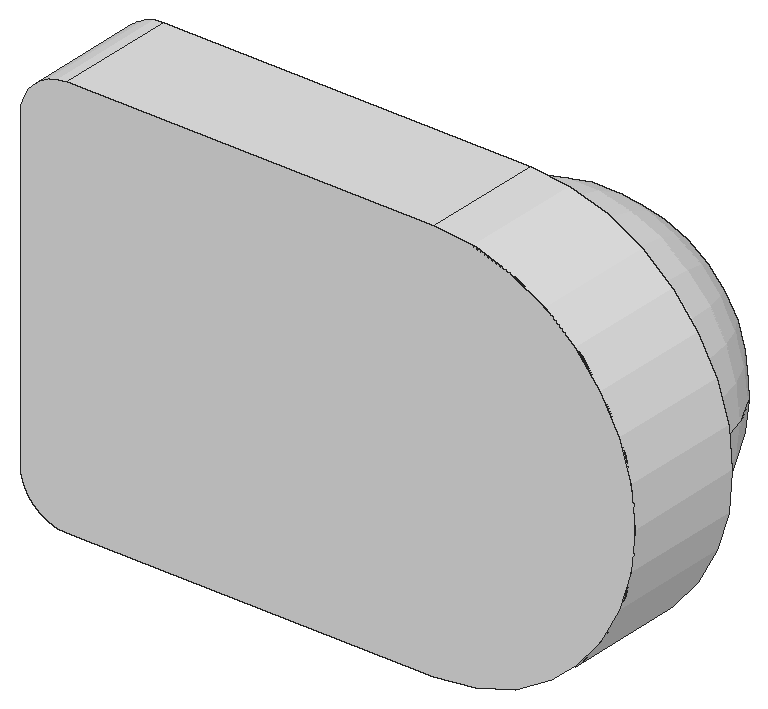
Revit family "252500.03 OSID mottaker 80 grader Vegg", category Fire Alarm Devices, Revit 2016
Family settings
  Maintain Annotation Orientation = No
  Part Type = Normal
  Round Connector Dimension = Use Diameter
  OmniClass Number = 23.85.30.21.11.11.11
  OmniClass Title = Smoke Detectors
  Work Plane-Based = No
  Always vertical = Yes
  Cut with Voids When Loaded = No
  Shared = No
  Room Calculation Point = No
Parameters (values of type "Linjedetektorer mottaker")
  Type Comments = "-RY"
  R = CQ Width / 2  # 65 mm
  NVMottaker = yes
  NS8360 = "5423_XN3"
  Manufacturer = "Honeywell"
  Keynote = "XN3"
  H1 = R - 10 mm  # 55 mm
  CQ Høyre = no
  CQFontSymboler = "w"
  CQ Venstre = not(CQ Høyre)  # yes
  CQ Type tekst synlig = yes
  CQ Type = "LD"
  CQ Montering tekst synlig [instance] = no
  CQ Montering [instance] = "HIM"
  CQ Material = Plastic - White
  CQ Width = 130 mm
  CQ Height = 94 mm
  CQ Length = 198 mm
  CQ Coverage Circle Radius = 70000 mm
  CQ Symbol Positive Direction [instance] = yes
  CQ Symbol Offset Side [instance] = 0 mm
  CQ Symbol Offset Out [instance] = 0 mm
  CQ Coverage Circle = no
  CQ 3D Synlig = not(CQ 2D Synlig)  # no
  CQ 2D Synlig = yes
  Assembly Code = "5423"
Reference planes
  plane 1 "Center (Front/Back)": y = 0
  plane 2: z = 0
  plane 3 "Center (Left/Right)": x = 0
  plane 4 "høyre": x = 99
  plane 5 "Venstre": x = -99
  plane 6: x = 89
  plane 7: x = 34
  plane 8: y = 39
  plane 9: z = 65
  plane 10: z = -65
  plane 11: y = 94
Forms (mm)
  Extrusion 1, solid, material "Plastic - White" <- "CQ Material"
    sketch origin (0, 0, 0) x (1, 0, 0) y (0, 0, 1)
      loop
        arc (-84, 65) -> (-94.607, 60.607) -> (-99, 50) r 15
        line (-99, 50) -> (-99, -50)
        arc (-99, -50) -> (-94.607, -60.607) -> (-84, -65) r 15
        line (-84, -65) -> (34, -65)
        arc (34, -65) -> (99, 0) -> (34, 65) r 65
        line (34, 65) -> (-84, 65)
    from 0 to -39
  Revolve 2, solid, material "Plastic - White" <- "CQ Material"
    sketch origin (0, 0, 0) x (1, 0, 0) y (0, 1, 0)
      loop
        line (34, 94) -> (34, 39) -> (89, 39)
        arc (89, 39) -> (72.891, 77.891) -> (34, 94) r 55
      axis (34, 94) -> (34, 39)
    angle from 0 to 360
Cuts and joins
  joined: Extrusion 1, Revolve 2
Lines and regions (mm)
  model lines, style "InvisibleLines"
    curve 1: line (0, 0, 0) -> (0, 0, 5)
    curve 2: line (0, 0, 0) -> (0, -5, 0)
Dimensions and locks
  equal spacing: plane 5 "Venstre", plane 3 "Center (Left/Right)", plane 4 "høyre"  (x2)
  "CQ Length": plane 5 "Venstre" to plane 4 "høyre"
  "H1": plane 6 to plane 7
  locked: plane 6 to plane 4 "høyre" at 10
  equal spacing: plane 10, level, plane 9
  "CQ Width": plane 10 to plane 9
  "H1": plane 8 to plane 11
  "CQ Height": plane 1 "Center (Front/Back)" to plane 11
  "R": radius of Extrusion 1 sketch curve
  radius of Extrusion 1 sketch curve = 15 mm  (x2)
  aligned and locked: level to plane 2
  aligned and locked: plane 3 "Center (Left/Right)" to nested 1
  aligned and locked: plane 1 "Center (Front/Back)" to nested 1
  aligned and locked: nested 2 to plane 3 "Center (Left/Right)"
  aligned and locked: nested 2 to plane 1 "Center (Front/Back)"
  aligned and locked: level to curve 1
  aligned and locked: plane 3 "Center (Left/Right)" to curve 1
  aligned and locked: plane 5 "Venstre" to Extrusion 1 sketch curve
  aligned and locked: plane 9 to Extrusion 1 sketch curve
  aligned and locked: Extrusion 1 sketch curve to plane 10
  aligned and locked: plane 8 to Extrusion 1
  aligned and locked: Revolve 2 sketch curve to plane 7
  aligned and locked: Revolve 2 sketch curve to plane 8
  aligned and locked: plane 7 to Extrusion 1 sketch curve
Automatic sketch dimensions
  level to curve 1 = 5 mm
  plane 1 "Center (Front/Back)" to curve 2 = 0 mm
  curve 2 to plane 3 "Center (Left/Right)" = 0 mm
  plane 1 "Center (Front/Back)" to curve 2 = 5 mm
  Revolve 2 sketch curve to plane 7 = 0 mm
  Revolve 2 sketch curve to plane 6 = 0 mm
  plane 11 to Revolve 2 sketch curve = 115 mm
  Revolve 2 sketch curve to Revolve 2 sketch curve = 35 mm
Nested families
  nested 1: "Linjedetektor Symbol" at (0, 0, 0), visible <- "CQ 2D Synlig", type "Type 1"
  nested 2: "Coverage Circle" at (0, 0, 0), visible <- "CQ Coverage Circle", type "Type 1"
Connectors
  electrical at (0, 0, 0)
    settings: index 1, voltage 0 V, apparent load 0 VA, apparent load phase1 0 VA, apparent load phase2 0 VA, apparent load phase3 0 VA, power factor 1, load classification "Other", number of poles 1, system type 11, power factor state 1, is connector primary yes, connector utility no, sub classification motor no, connector description ""
Definition of nested family "Linjedetektor Symbol"
  Parameters (values of type "Type 1")
    Type tekst synlig = yes
    Type = "LD"
    Sender = not(Mottaker)  # no
    Mottaker = yes
    Montering tekst synlig = no
    Montering = "HIM"
    CQ Symbol Positive Direction = yes
    CQ Symbol Negative Direction = not(CQ Symbol Positive Direction)  # no
    CQ Symbol Offset Side = 0 mm
    CQ Symbol Offset Out = 0 mm
  Reference planes
    plane 1: y = 0
    plane 2: x = 0
  Dimensions and locks
    "CQ Symbol Offset Side": nested 2 to plane 2
    "CQ Symbol Offset Side": plane 2 to nested 1
    "CQ Symbol Offset Out": plane 1 to nested 1
    "CQ Symbol Offset Out": plane 1 to nested 2
  Nested families
    nested 1: "Linjedetektor Sub" at (0, 0, 0), visible <- "CQ Symbol Positive Direction", type "Type1"
    nested 2: "Linjedetektor Sub" at (0, 0, 0), visible <- "CQ Symbol Negative Direction", type "Type1"
  Definition of nested family "Linjedetektor Sub"
    Parameters (values of type "Type1")
      Type tekst synlig = yes
      Type = "LD"
      Sender = yes
      Mottaker = yes
      Montering tekst synlig = no
      Montering = "HIM"
    Reference planes
      plane 1: y = 0
      plane 2: x = 0
    Lines and regions (mm)
      detail lines
        curve 1: line (-2.5, -2.5, 0) -> (2.5, -2.5, 0)
        curve 2: line (2.5, -2.5, 0) -> (2.5, 2.5, 0)
        curve 3: line (2.5, 2.5, 0) -> (-2.5, 2.5, 0)
        curve 4: line (-2.5, 2.5, 0) -> (-2.5, -2.5, 0)
        curve 5: circle (-1.25, -1.5, 0) r 0.25 normal (0, 0, 1)
        curve 6: line (-1.25, -0.75, 0) -> (-1, 1.5, 0)
        curve 7: arc (-1, 1.5, 0) -> (-1.25, 1.75, 0) -> (-1.5, 1.5, 0) r 0.25
        curve 8: line (-1.5, 1.5, 0) -> (-1.25, -0.75, 0)
        curve 9: line (-1.25, 0.5, 0) -> (-1.25, 1.5, 0)
        curve 13: line (1.25, -0.83, 0) -> (2, 0.469, 0)
        curve 14: line (1.25, -0.83, 0) -> (0.5, 0.469, 0)
        curve 15: arc (0.189, 0.231, 0) -> (1.25, 0.67, 0) -> (2.311, 0.231, 0) r 1.5
      detail lines, visible <- "Type tekst synlig"
        curve 10: line (-2.5, -4.5, 0) -> (2.5, -4.5, 0)
        curve 11: line (-2.5, -4.5, 0) -> (-2.5, -2.5, 0)
        curve 12: line (2.5, -4.5, 0) -> (2.5, -2.5, 0)
      detail lines, visible <- "Sender"
        curve 16: line (0.198, 1.5, 0) -> (2.298, 1.5, 0)
        curve 17: line (2.298, 1.5, 0) -> (1.396, 2.021, 0)
        curve 18: line (2.298, 1.5, 0) -> (1.396, 0.979, 0)
      detail lines, visible <- "Mottaker"
        curve 19: line (2.298, -1.5, 0) -> (0.198, -1.5, 0)
        curve 20: line (0.198, -1.5, 0) -> (1.101, -2.021, 0)
        curve 21: line (0.198, -1.5, 0) -> (1.101, -0.979, 0)
    Nested families
      nested 1: "txt 1_50" at (3.379, 2.424, 0), visible <- "Montering tekst synlig", Type Name <- "Montering", type "txt"
      nested 2: "txt 1_50" at (-1.901, -3.637, 0), visible <- "Type tekst synlig", Type Name <- "Type", type "txt"
        with Type Name "LD"
    Definition of nested family "txt 1_50"
      Parameters (values of type "txt")
        Type Name [instance] = "HIM"
      Reference planes
        plane 1: y = 0
        plane 2: x = 0
      Text (mm)
        label "TXT" at (1.952, 0, 0), shows "Type Name"
Definition of nested family "Coverage Circle"
  Parameters
    Radius = 3250 mm
  Reference planes
    plane 1 "Center (Front/Back)": y = 0
    plane 2: z = 0
    plane 3 "Center (Left/Right)": x = 0
  Lines and regions (mm)
    detail lines, in view "Ref. Level"
      curve 1: circle (0, 0, 0) r 3250 normal (0, 0, 1)
  Dimensions and locks
    "Radius": radius of curve 1
    aligned and locked: plane 1 "Center (Front/Back)" to curve 1
    aligned and locked: plane 3 "Center (Left/Right)" to curve 1
